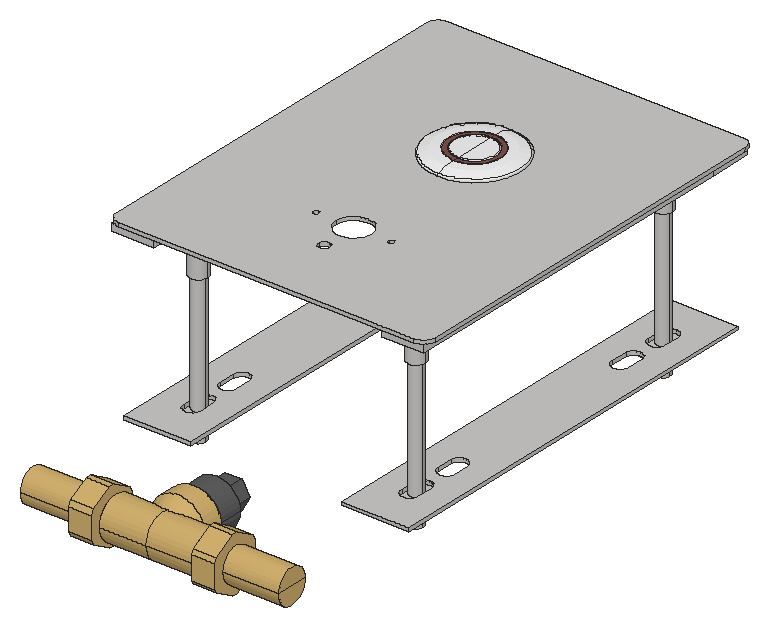
Revit family "PRD_AR_WshbsnTps_F5EElectronicWashbasinTap_F5EV1016", category Plumbing Fixtures, host Face, Revit 2023
Family settings
  Host = Face
  Round Connector Dimension = Use Diameter
  Part Type = Normal
  OmniClass Number = 23.45.05.14.99
  OmniClass Title = Other Sanitary Washing Plumbing Fixtures
  Enable Cutting in Views = Yes
  Cut with Voids When Loaded = Yes
  Maintain Annotation Orientation = No
  Shared = No
  Room Calculation Point = No
Parameters (values of type "F5EV1016")
  WorkingPressure = 0.0 Pa
  WithTransformerPowerSupply = "No"
  WithFilter = "Yes"
  Waste Connection = yes
  WarrantyStartDate [instance] = "1900-12-31T23:59:59"
  WarrantyGuarantorParts = "n/a"
  WarrantyGuarantorLabor = "n/a"
  WarrantyDurationUnit = "n/a"
  WarrantyDurationParts = "n/a"
  WarrantyDurationLabor = "n/a"
  WarrantyDescription = "n/a"
  WallThicknessControl [instance] = if(WallThickness < 50 mm, 50 mm, if(WallThickness > 500 mm, 500 mm, WallThickness))  # 100 mm
  WallThickness [instance] = 100 mm
  WFU = 0
  VolumeFlowRateAt3Bar = "0.46 l/s"
  Voltage [instance] = 24 V
  Version = "1"
  Vent Connection = yes
  ValveVerticalOffset [instance] = 200 mm
  ValveTurnOn [instance] = yes
  ValvePattern = "STRAIGHT_2_PORT"
  ValveOperation = "SOLENOID"
  ValveOffsetFromWall [instance] = 100 mm
  ValveMechanism = "OTHER"
  Uniclass2015Version = "Products v1.36"
  Uniclass2015Title = "Washbasin taps"
  Uniclass2015Code = "Pr_40_20_87_98"
  URL = "www.kwc-professional.com"
  TypeOfTap = "in-wall tap"
  TypeOfSensor = "piezo-electronic sensor"
  TypeOfPowerSupply = "Transformer"
  TypeOfOperation = "Sensor Operation"
  TypeOfMounting = "bolt mounting"
  TypeOfMixing = "No"
  Type IFC Predefined Type = "USERDEFINED"
  TestPressure = 0.0 Pa
  TagNumber [instance] = "n/a"
  SustainabilityPerformance = "n/a"
  SurfaceFinishFitting = "chromed"
  SurfaceFinishCasing = "satin finished"
  Status = "New"
  SoundInsulation = "No"
  Size = "15"
  Shape = "n/a"
  SerialNumber [instance] = "n/a"
  Revision = "n/a"
  ReplacementCost = "n/a"
  Reference = "n/a"
  ProtectiveSystemIP = "IP59K"
  ProtectiveShutdown = "Yes"
  ProductInformation = "http://pim.kwc.com/product/2030067882/attachment/datasheet?locale=en"
  PowerSupplyConnection = "A3000 open 24 V DC"
  PowerFactor [instance] = 1
  PositionOfPowerConnection = "from top"
  Poles [instance] = 1
  Parameterization = "network"
  NumberOfPoles [instance] = Poles  # 1
  NominalWidth = 190 mm
  NominalHeight = 245 mm
  NominalDepth = 2 mm
  Name = "F5E Electronic washbasin tap F5EV1016"
  NBSTypeID = "n/a"
  NBSReference = "45-35-70/371"
  NBSOfficeMasterTag = "n/a"
  NBSNote = "n/a"
  NBSDescription = "Water supply fittings for wash basins and troughs"
  NBSCertification = "n/a"
  ModelReference = "F5EV1016"
  ModelNumber = "2030067882"
  Model = ModelReference  # "F5EV1016"
  MinimumFlowTime = "1 Seconds"
  MinimumFlowPressure = "1 bar"
  MaximumFlowTime = "6500 Seconds"
  MaterialFitting = "brass-look"
  MaterialCodeCasing = "1.4301 Chrome Nickel steel V2A"
  Material = "stainless steel"
  ManufacturerURL = "www.kwc-professional.com"
  ManufacturerName = "KWC Group Management AG"
  Manufacturer = ManufacturerName  # "KWC Group Management AG"
  LockingMechanism = "Top section, non-ceramic"
  InstallationDate [instance] = "1900-12-31T23:59:59"
  IfcExportType = "FAUCET"
  IfcExportAs = "IfcValveType"
  HygieneFlushing = "Yes"
  HWFU = 0
  HW Connection = yes
  Grade = "n/a"
  FunctionalPrinciple = "electronic self-closing"
  FlowCoefficient = "0.46 l/s"
  Flow = 0.46 L/s
  Finish = "Stainless steel satin finished"
  Features = "For connection to pre-mixed hot water or cold water.  Stainless steel cover plate 190 x 245 x 2 mm for invisible mounting via threaded rods, up to a wallthickness of 50 to 500 mm. Wall outlet must be ordered separately."
  FaucetType = "UNSET"
  FaucetTopDescription = "n/a"
  FaucetOperation = "SELFCLOSING"
  FaucetFunction = "UNSET"
  Export Type to IFC As = "IfcSanitaryTerminalType"
  ExpectedLife = "n/a"
  DurationUnit = "n/a"
  DiameterNominal = "DN 15"
  Description = "F5E - A3000 open washbasin mixer DN 15 for concealed mounting. Especially suitable for facilities at risk of vandalism. Electronically controlled, for connection to pre-mixed hot water or cold water. With waterproof electronic module and electric T-junction for connection to system cable, solenoid valve, 190 x 245 x 2 mm stainless steel cover plate for invisible mounting via threaded rods, up to a wall thickness of 50 to 500 mm, including piezo push-button with start/stop function and 2 m extension cable as well as recess for KWC wall outlet DN 15 (required separately). Connection and maintenance via service room. Activated hygiene flushing 24 hours after the last activity. With facility for parameterization, cleaning deactivation and communication via ECC2 function controller, 24 V DC."
  Depressurised = "No"
  DefaultFlowTime = "10 Seconds"
  DefaultAutomaticHygieneFlush = "24h after the last activity"
  Default Elevation = 1219.2 mm
  CreateOn = "04/2025"  # constant formula
  CoverPlateWidth = "190"
  CoverPlateHeight = "245"
  Constituents = "n/a"
  CompatibleA3000Open = "Yes"
  Color = "n/a"
  CodePerformance = "n/a"
  CloseOffRating = 0.0 Pa
  Category = "Pr_40_20_87_98, Washbasin taps"
  CWFU = 0
  CW Connection = yes
  ButtonMaterial = PRD_AR_ChromatedBrass_HighPolished
  BuiltInFittingModel = "Built-in section"
  BodyMaterial = PRD_AR_StainlessSteel_Brushed
  BarCode [instance] = "n/a"
  BIMObjectName = "PRD_AR_WashbasinTaps_F5EElectronicWashbasinTap_F5EV1016"
  Author = "Archispace"
  AssetType = "Fixed"
  AssetIdentifier [instance] = "n/a"
  ApparentLoad [instance] = 0 VA
  AdjustableFlowTime = "Yes"
  AccessibilityPerformance = "n/a"
Reference planes
  plane 1 "Center (Front/Back)": y = 0
  plane 2: z = 0
  plane 3 "Center (Left/Right)": x = 0
  plane 4: z = -100
  plane 5: y = -200
  plane 6: z = -100
  plane 7: z = -117
  plane 8: z = -83
  plane 9: y = -137
  plane 10: y = -358.5
  plane 11: x = 77
  plane 12: x = -77
  plane 13: y = -146.038
  plane 14: y = -225
Forms (mm)
  Extrusion 1, void
    sketch origin (0, 0, 0) x (1, 0, 0) y (0, 1, 0)
      loop
        circle (0, 4.921) r 11.456
    from -25 to 17.126
  Extrusion 2, void
    sketch origin (0, 0, 0) x (1, 0, 0) y (0, 1, 0)
      loop
        line (-73.04, 101.038) -> (-73.04, 0) -> (-73.04, -101.038) -> (0, -101.038) -> (73.04, -101.038) -> (73.04, 0) -> (73.04, 101.038) -> (0, 101.038) -> (-73.04, 101.038)
    from 0 to -100
  Extrusion 3, void
    sketch origin (0, 0, 0) x (1, 0, 0) y (0, 1, 0)
      loop
        line (77, -225) -> (77, -146.038) -> (-77, -146.038) -> (-77, -225) -> (77, -225)
    from -117 to -83
Dimensions and locks
  "WallThicknessControl": level to plane 4
  "ValveVerticalOffset": plane 5 to plane 1 "Center (Front/Back)"
  "ValveOffsetFromWall": level to plane 6
  plane 9 to plane 5 to plane 10 = 63 mm locked, 158.5 mm locked
  plane 13 to plane 5 to plane 14 = 53.962 mm locked, 25 mm locked
  plane 12 to plane 3 "Center (Left/Right)" to plane 11 = 77 mm locked, 77 mm locked
  plane 8 to plane 6 to plane 7 = 17 mm locked, 17 mm locked
  aligned and locked: plane 2 to host face
  aligned and locked: level to host face
  aligned and locked: Extrusion 2 to plane 4
  aligned and locked: plane 5 to nested 2
  aligned and locked: plane 14 to Extrusion 3 sketch curve
  aligned and locked: Extrusion 3 sketch curve to plane 11
  aligned and locked: Extrusion 3 sketch curve to plane 13
  aligned and locked: Extrusion 3 sketch curve to plane 12
  aligned and locked: plane 7 to Extrusion 3
  aligned and locked: plane 8 to Extrusion 3
  aligned and locked: plane 6 to nested 2
Automatic sketch dimensions
  host sketch curve to host sketch curve = 2438.4 mm  (x2)
  Extrusion 1 sketch curve to Extrusion 1 sketch curve = 0 mm  (x2)
  Extrusion 1 sketch curve to plane 3 "Center (Left/Right)" = 0 mm
  Extrusion 1 sketch curve to plane 1 "Center (Front/Back)" = 4.921 mm
  Extrusion 1 sketch curve to Extrusion 1 sketch curve = 11.456 mm
  plane 1 "Center (Front/Back)" to Extrusion 2 sketch curve = 0 mm  (x2)
  Extrusion 2 sketch curve to plane 3 "Center (Left/Right)" = 0 mm  (x2)
  Extrusion 2 sketch curve to Extrusion 2 sketch curve = 73.04 mm
  plane 3 "Center (Left/Right)" to Extrusion 2 sketch curve = 73.04 mm
  plane 1 "Center (Front/Back)" to Extrusion 2 sketch curve = 101.038 mm
  Extrusion 2 sketch curve to plane 1 "Center (Front/Back)" = 101.038 mm
Nested families
  nested 1: "WashbasinTap" at (0, 0, 0) x (-1, 0, 0) z (0, 0, 1), Wall Thickness <- "WallThickness", type "WashbasinTap"
    with Wall Thickness_Control 100 mm, Wall Thickness 100 mm
  nested 2: "Valve" at (0, -200, -100) x (1, 0, 0) z (0, 1, 0), visible <- "ValveTurnOn", type "Valve"
Connectors
  electrical at (0, 32.5, -15.835), driven by "Voltage", driven by "ApparentLoad", driven by "PowerFactor", driven by "Poles"
    settings: on nested 1, index 1, voltage 24 V, apparent load 0 VA, apparent load phase1 0 VA, apparent load phase2 0 VA, apparent load phase3 0 VA, power factor 1, load classification "Power", number of poles 1, system type 30, power factor state 1, is connector primary yes, connector utility no, sub classification motor no, connector description "Power"
  piping at (-77, -200, -100), diameter 15, driven by "Flow"
    settings: on nested 2, index 2, connector inside diameter 609.6 mm, connector length 0 mm, flow factor 0, pipe flow 0.46 L/s, pressure drop 0.0 Pa, fitting loss kfactor 0, connector angle 0.00°, fixture units 0, engagement length 0 mm, angle of deflection 0.00°, flow configuration 0, flow direction 1, fitting loss method 0, system type 8, joint type 0, gender type 0, connector reference index -1, connector utility 0, adjustable connector no, is connector primary yes, connector description "G3/4B"
  piping at (77, -200, -100), diameter 15
    settings: on nested 2, index 3, connector inside diameter 609.6 mm, connector length 0 mm, flow factor 0, pipe flow 0.0 L/s, pressure drop 0.0 Pa, fitting loss kfactor 0, connector angle 0.00°, fixture units 0, engagement length 0 mm, angle of deflection 0.00°, flow configuration 0, flow direction 0, fitting loss method 0, system type 28, joint type 0, gender type 0, connector reference index -1, connector utility 0, adjustable connector no, is connector primary no, connector description ""
Definition of nested family "WashbasinTap"
  Parameters (values of type "WashbasinTap")
    Wall Thickness_Control [instance] = if(Wall Thickness < 50 mm, 50 mm, if(Wall Thickness > 500 mm, 500 mm, Wall Thickness))  # 130 mm
    Wall Thickness [instance] = 130 mm
    Material Button = none
    Material = none
    Default Elevation = 0 mm
  Reference planes
    plane 1 "Center (Front/Back)": y = 0
    plane 2: z = 0
    plane 3 "Center (Left/Right)": x = 0
    plane 4: z = -148.736
    plane 5: z = -132
    plane 6: z = -130
    plane 7: z = 2
    plane 8: z = -4.4
    plane 9: z = 26
    plane 10: z = -18
    plane 11: z = -15.91
  Forms (mm)
    Extrusion 1, solid, material <- "Material", detail levels fine
      sketch origin (0, 0, 0) x (1, 0, 0) y (0, 1, 0)
        loop
          line (-95, 115.5) -> (-95, -115.5)
          arc (-95, -115.5) -> (-92.95, -120.45) -> (-88, -122.5) r 7
          line (-88, -122.5) -> (88, -122.5)
          arc (88, -122.5) -> (92.95, -120.45) -> (95, -115.5) r 7
          line (95, -115.5) -> (95, 115.5)
          arc (95, 115.5) -> (92.95, 120.45) -> (88, 122.5) r 7
          line (88, 122.5) -> (-88, 122.5)
          arc (-88, 122.5) -> (-92.95, 120.45) -> (-95, 115.5) r 7
        loop
          circle (0, 57.5) r 10.489
        loop
          circle (22.519, 57.5) r 1.714
        loop
          circle (0, 79.52) r 3.322
        loop
          circle (-22.519, 57.5) r 1.714
      from 0 to 2
    Extrusion 2, solid, material <- "Material", detail levels fine
      sketch origin (0, 0, 0) x (1, 0, 0) y (0, 1, 0)
        loop
          line (-93, 121.5) -> (-93, -94.5) -> (-68, -94.5) -> (-68, 121.5) -> (-93, 121.5)
        loop
          line (93, 121.5) -> (68, 121.5) -> (68, -94.5) -> (93, -94.5) -> (93, 121.5)
      from -4.4 to 0
    Extrusion 3, solid, material <- "Material", detail levels fine
      sketch origin (0, 0, 0) x (1, 0, 0) y (0, 1, 0)
        loop
          line (-93, -94.5) -> (-93, -119.5) -> (93, -119.5) -> (93, -94.5) -> (-93, -94.5)
      from -4.4 to 0
    Extrusion 4, solid, material <- "Material", detail levels medium+fine
      sketch origin (0, 0, 0) x (1, 0, 0) y (0, 1, 0)
        loop
          circle (-64.946, 92.047) r 5.42
      from -30.436 to 0
    Extrusion 5, solid, material <- "Material", detail levels medium+fine
      sketch origin (0, 0, 0) x (-1, 0, 0) y (0, -1, 0)
        loop
          circle (-64.946, -92.047) r 5.42
      from -30.436 to 0
    Extrusion 6, solid, material <- "Material", detail levels medium+fine
      sketch origin (0, 0, 0) x (-1, 0, 0) y (0, -1, 0)
        loop
          circle (-64.946, 92.047) r 5.42
      from -30.436 to 0
    Extrusion 7, solid, material <- "Material", detail levels medium+fine
      sketch origin (0, 0, 0) x (1, 0, 0) y (0, 1, 0)
        loop
          circle (-64.946, -92.047) r 5.42
      from -30.436 to 0
    Extrusion 8, solid, material <- "Material", detail levels medium+fine
      sketch origin (0, 0, 0) x (1, 0, 0) y (0, 1, 0)
        loop
          circle (-64.946, 92.047) r 4.038
        loop
          circle (64.946, 92.047) r 4.038
        loop
          circle (64.946, -92.047) r 4.038
        loop
          circle (-64.946, -92.047) r 4.038
      from -148.736 to -30.436
    Sweep 9, solid, material <- "Material", detail levels fine
      path origin (0, 0, 0) x (0, 1, 0) y (0, 0, 1)
        loop
          line (122.5, -132) -> (122.5, -130)
      profile origin (0, 122.5, -131) x (0, -1, 0) y (1, 0, 0)
        loop
          line (0, -85) -> (245, -85) -> (245, -45) -> (0, -45) -> (0, -85)
        loop
          line (192.5, -60) -> (182.5, -60)
          arc (182.5, -60) -> (177.5, -65) -> (182.5, -70) r 5
          line (182.5, -70) -> (192.5, -70)
          arc (192.5, -70) -> (197.5, -65) -> (192.5, -60) r 5
        loop
          line (219.5, -60) -> (209.5, -60)
          arc (209.5, -60) -> (204.5, -65) -> (209.5, -70) r 5
          line (209.5, -70) -> (219.5, -70)
          arc (219.5, -70) -> (224.5, -65) -> (219.5, -60) r 5
        loop
          arc (52.5, -60) -> (47.5, -65) -> (52.5, -70) r 5
          line (52.5, -70) -> (62.5, -70)
          arc (62.5, -70) -> (67.5, -65) -> (62.5, -60) r 5
          line (62.5, -60) -> (52.5, -60)
        loop
          arc (25.5, -60) -> (20.5, -65) -> (25.5, -70) r 5
          line (25.5, -70) -> (35.5, -70)
          arc (35.5, -70) -> (40.5, -65) -> (35.5, -60) r 5
          line (35.5, -60) -> (25.5, -60)
        loop
          line (0, 85) -> (0, 45) -> (245, 45) -> (245, 85) -> (0, 85)
        loop
          arc (192.5, 60) -> (197.5, 65) -> (192.5, 70) r 5
          line (192.5, 70) -> (182.5, 70)
          arc (182.5, 70) -> (177.5, 65) -> (182.5, 60) r 5
          line (182.5, 60) -> (192.5, 60)
        loop
          arc (219.5, 60) -> (224.5, 65) -> (219.5, 70) r 5
          line (219.5, 70) -> (209.5, 70)
          arc (209.5, 70) -> (204.5, 65) -> (209.5, 60) r 5
          line (209.5, 60) -> (219.5, 60)
        loop
          line (52.5, 60) -> (62.5, 60)
          arc (62.5, 60) -> (67.5, 65) -> (62.5, 70) r 5
          line (62.5, 70) -> (52.5, 70)
          arc (52.5, 70) -> (47.5, 65) -> (52.5, 60) r 5
        loop
          line (25.5, 60) -> (35.5, 60)
          arc (35.5, 60) -> (40.5, 65) -> (35.5, 70) r 5
          line (35.5, 70) -> (25.5, 70)
          arc (25.5, 70) -> (20.5, 65) -> (25.5, 60) r 5
    Sweep 10, solid, material <- "Material", detail levels fine
      path origin (0, 0, 0) x (0, 1, 0) y (0, 0, 1)
        loop
          line (106, -135) -> (106, -132)
      profile origin (0, 106, -133.5) x (0, -1, 0) y (1, 0, 0)
        loop
          circle (13.984, -64.949) r 13.871
        loop
          circle (13.984, 64.949) r 13.871
        loop
          circle (198.016, -64.949) r 13.871
        loop
          circle (198.016, 64.949) r 13.871
    Sweep 11, solid, material <- "Material", detail levels fine
      path origin (0, 0, 0) x (0, 1, 0) y (0, 0, 1)
        loop
          line (93.672, -141.8) -> (93.672, -135)
      profile origin (0, 93.672, -138.4) x (0, -1, 0) y (1, 0, 0)
        loop
          line (-5.834, -65) -> (-2.081, -71.5) -> (5.425, -71.5) -> (9.177, -65) -> (5.425, -58.5) -> (-2.081, -58.5) -> (-5.834, -65)
        loop
          line (-5.834, 65) -> (-2.081, 58.5) -> (5.425, 58.5) -> (9.177, 65) -> (5.425, 71.5) -> (-2.081, 71.5) -> (-5.834, 65)
        loop
          line (193.177, -65) -> (189.425, -58.5) -> (181.919, -58.5) -> (178.166, -65) -> (181.919, -71.5) -> (189.425, -71.5) -> (193.177, -65)
        loop
          line (193.177, 65) -> (189.425, 71.5) -> (181.919, 71.5) -> (178.166, 65) -> (181.919, 58.5) -> (189.425, 58.5) -> (193.177, 65)
    Extrusion 12, solid, material <- "Material", detail levels coarse
      sketch origin (0, 122.5, -132) x (0, 1, 0) y (-1, 0, 0)
        loop
          line (0, 95) -> (-245, 95) -> (-245, -95) -> (0, -95) -> (0, 95)
      from -16.736 to 134
    Extrusion 13, solid, material <- "Material", detail levels medium
      sketch origin (0, 122.5, -132) x (0, 1, 0) y (-1, 0, 0)
        loop
          line (-245, 95) -> (-245, -95) -> (0, -95) -> (0, 95) -> (-245, 95)
      from 127.6 to 134
    Sweep 14, solid, material <- "Material", detail levels medium
      path origin (0, 0, 0) x (0, 1, 0) y (0, 0, 1)
        loop
          line (122.5, -132) -> (122.5, -130)
      profile origin (0, 122.5, -131) x (0, -1, 0) y (1, 0, 0)
        loop
          line (0, -85) -> (245, -85) -> (245, -45) -> (0, -45) -> (0, -85)
        loop
          line (0, 85) -> (0, 45) -> (245, 45) -> (245, 85) -> (0, 85)
    Revolve 15, solid, material <- "Material Button", detail levels fine
      sketch origin (0, 0, 0) x (0, 1, 0) y (0, 0, 1)
        loop
          line (-32.5, 2) -> (-4.961, 2)
          arc (-4.961, 2) -> (-5.113, 2.697) -> (-5.668, 3.145) r 1.075
          arc (-5.668, 3.145) -> (-11.207, 4.703) -> (-16.94, 5.195) r 30.555
          line (-16.94, 5.195) -> (-16.94, 3.123) -> (-32.5, 3.123) -> (-32.5, 2)
        axis (-32.5, 5.195) -> (-32.5, 2)
      angle from 0 to 360
    Revolve 16, solid, detail levels fine
      sketch origin (0, 0, 0) x (0, 1, 0) y (0, 0, 1)
        loop
          line (-17.049, 5.195) -> (-19.966, 5.195) -> (-19.966, 3.911) -> (-21.528, 3.911) -> (-21.528, 2.7) -> (-17.049, 2.7) -> (-17.049, 5.195)
        axis (-32.5, 2.7) -> (-32.5, 5.195)
      angle from 0 to 360
    Revolve 17, solid, material <- "Material Button", detail levels fine
      sketch origin (0, 0, 0) x (0, 1, 0) y (0, 0, 1)
        loop
          arc (-20.005, 4.697) -> (-20.15, 5.049) -> (-20.502, 5.195) r 0.498
          line (-20.502, 5.195) -> (-32.5, 5.195) -> (-32.5, 3.911) -> (-20.005, 3.911) -> (-20.005, 4.697)
        axis (-32.5, 5.195) -> (-32.5, 3.911)
      angle from 0 to 360
    Revolve 18, solid, detail levels fine
      sketch origin (0, 0, 0) x (0, 1, 0) y (0, 0, 1)
        loop
          line (-32.5, 0) -> (-32.5, -15.835) -> (-22.325, -15.835) -> (-22.325, -14.272) -> (-21.52, -13.467) -> (-21.52, -11.75) -> (-20.333, -11.75) -> (-19.601, -10.25) -> (-18.756, -10.25) -> (-18.756, -3.05) -> (-22.325, -3.05) -> (-22.325, 0) -> (-32.5, 0)
        axis (-32.5, 0) -> (-32.5, -15.835)
      angle from 0 to 360
    Revolve 19, solid, material <- "Material Button", detail levels coarse+medium
      sketch origin (0, 0, 0) x (0, 1, 0) y (0, 0, 1)
        loop
          line (-32.5, 2) -> (-4.961, 2) -> (-4.961, 5.195) -> (-32.5, 5.195) -> (-32.5, 2)
        axis (-32.5, 5.195) -> (-32.5, 2)
      angle from 0 to 360
    Revolve 20, solid, detail levels medium
      sketch origin (0, 0, 0) x (0, 1, 0) y (0, 0, 1)
        loop
          line (-32.5, -3.05) -> (-32.5, -15.835) -> (-18.756, -15.835) -> (-18.756, -3.05) -> (-22.325, -3.05) -> (-22.325, 0) -> (-32.5, 0) -> (-32.5, -3.05)
        axis (-32.5, 0) -> (-32.5, -15.835)
      angle from 0 to 360
    Revolve 21, solid, detail levels coarse
      sketch origin (0, 0, 0) x (0, 1, 0) y (0, 0, 1)
        loop
          line (-32.5, -3.05) -> (-32.5, -15.91) -> (-18.756, -15.91) -> (-18.756, 0) -> (-32.5, 0) -> (-32.5, -3.05)
        axis (-32.5, 0) -> (-32.5, -15.91)
      angle from 0 to 360
  Dimensions and locks
    locked: plane 5 to plane 4 at 16.736
    locked: Sweep 9 sketch curve to plane 5 at 2
    locked: Sweep 10 sketch curve to Sweep 10 sketch curve at 3
    locked: plane 5 to Sweep 11 sketch curve at 3
    locked: Sweep 11 sketch curve to Sweep 11 sketch curve at 6.8
    locked: plane 6 to plane 5 at 2
    "Wall Thickness_Control": level to plane 6
    locked: plane 7 to plane 11 at 17.91
    aligned and locked: level to plane 2
    aligned and locked: Extrusion 8 to plane 4
    aligned and locked: plane 5 to Sweep 9 sketch curve
    aligned and locked: plane 5 to Sweep 10 sketch curve
    aligned and locked: Extrusion 12 to plane 4
    aligned and locked: Extrusion 13 to Extrusion 1
    aligned and locked: Extrusion 12 to Extrusion 1
    aligned and locked: plane 11 to Revolve 21
    aligned and locked: Extrusion 13 to plane 8
  Automatic sketch dimensions
    Extrusion 2 sketch curve to plane 3 "Center (Left/Right)" = 93 mm
    Extrusion 2 sketch curve to Extrusion 2 sketch curve = 25 mm  (x2)
    plane 3 "Center (Left/Right)" to Extrusion 2 sketch curve = 68 mm
    plane 1 "Center (Front/Back)" to Extrusion 2 sketch curve = 94.5 mm  (x2)
    Extrusion 2 sketch curve to plane 1 "Center (Front/Back)" = 121.5 mm  (x2)
    Extrusion 3 sketch curve to plane 3 "Center (Left/Right)" = 93 mm
    plane 3 "Center (Left/Right)" to Extrusion 3 sketch curve = 93 mm
    plane 1 "Center (Front/Back)" to Extrusion 3 sketch curve = 119.5 mm
    Extrusion 3 sketch curve to Extrusion 3 sketch curve = 25 mm
    Extrusion 4 sketch curve to plane 3 "Center (Left/Right)" = 64.946 mm
    Extrusion 4 sketch curve to plane 1 "Center (Front/Back)" = 92.047 mm
    plane 3 "Center (Left/Right)" to Extrusion 5 sketch curve = 64.946 mm
    Extrusion 5 sketch curve to plane 1 "Center (Front/Back)" = 92.047 mm
    plane 3 "Center (Left/Right)" to Extrusion 6 sketch curve = 64.946 mm
    plane 1 "Center (Front/Back)" to Extrusion 6 sketch curve = 92.047 mm
    Extrusion 7 sketch curve to plane 3 "Center (Left/Right)" = 64.946 mm
    plane 1 "Center (Front/Back)" to Extrusion 7 sketch curve = 92.047 mm
    Extrusion 8 sketch curve to plane 3 "Center (Left/Right)" = 64.946 mm  (x2)
    plane 3 "Center (Left/Right)" to Extrusion 8 sketch curve = 64.946 mm  (x2)
    plane 1 "Center (Front/Back)" to Extrusion 8 sketch curve = 92.047 mm  (x2)
    Extrusion 8 sketch curve to plane 1 "Center (Front/Back)" = 92.047 mm  (x2)
    Sweep 9 sketch curve to plane 1 "Center (Front/Back)" = 122.5 mm
    Sweep 9 sketch curve to profile plane = 0 mm  (x2)
    Sweep 9 sketch curve to profile plane = 25.5 mm  (x2)
    Sweep 9 sketch curve to Sweep 9 sketch curve = 10 mm  (x8)
    Sweep 9 sketch curve to Sweep 9 sketch curve = 17 mm  (x4)
    Sweep 9 sketch curve to plane 3 "Center (Left/Right)" = 70 mm  (x2)
    Sweep 9 sketch curve to Sweep 9 sketch curve = 120 mm  (x2)
    Sweep 9 sketch curve to Sweep 9 sketch curve = 25.5 mm  (x2)
    Sweep 9 sketch curve to Sweep 9 sketch curve = 15 mm  (x5)
    Sweep 9 sketch curve to Sweep 9 sketch curve = 0 mm  (x4)
    Sweep 9 sketch curve to Sweep 9 sketch curve = 5 mm  (x8)
    plane 3 "Center (Left/Right)" to Sweep 9 sketch curve = 45 mm
    Sweep 10 sketch curve to plane 1 "Center (Front/Back)" = 106 mm
    Sweep 10 sketch curve to profile plane = 13.984 mm  (x2)
    plane 3 "Center (Left/Right)" to Sweep 10 sketch curve = 64.949 mm  (x2)
    Sweep 10 sketch curve to Sweep 10 sketch curve = 184.032 mm
    Sweep 10 sketch curve to plane 3 "Center (Left/Right)" = 64.949 mm  (x2)
    Sweep 10 sketch curve to Sweep 10 sketch curve = 0 mm
    Sweep 11 sketch curve to plane 1 "Center (Front/Back)" = 93.672 mm
    profile plane to Sweep 11 sketch curve = 5.834 mm  (x2)
    profile plane to Sweep 11 sketch curve = 2.081 mm  (x4)
    Sweep 11 sketch curve to profile plane = 5.425 mm  (x4)
    Sweep 11 sketch curve to Sweep 11 sketch curve = 3.753 mm  (x8)
    plane 3 "Center (Left/Right)" to Sweep 11 sketch curve = 65 mm  (x2)
    Sweep 11 sketch curve to Sweep 11 sketch curve = 168.989 mm
    Sweep 11 sketch curve to plane 3 "Center (Left/Right)" = 65 mm  (x2)
    Sweep 11 sketch curve to Sweep 11 sketch curve = 0 mm
    Sweep 11 sketch curve to plane 3 "Center (Left/Right)" = 71.5 mm  (x2)
    plane 3 "Center (Left/Right)" to Sweep 11 sketch curve = 71.5 mm
    plane 3 "Center (Left/Right)" to Sweep 11 sketch curve = 58.5 mm  (x2)
    Sweep 11 sketch curve to Sweep 11 sketch curve = 7.506 mm  (x4)
    Sweep 11 sketch curve to Sweep 11 sketch curve = 6.5 mm  (x7)
    plane 1 "Center (Front/Back)" to Extrusion 12 sketch curve = 122.5 mm
    plane 3 "Center (Left/Right)" to Extrusion 12 sketch curve = 95 mm
    Extrusion 12 sketch curve to plane 1 "Center (Front/Back)" = 122.5 mm
    Extrusion 12 sketch curve to plane 3 "Center (Left/Right)" = 95 mm
    plane 1 "Center (Front/Back)" to Extrusion 13 sketch curve = 122.5 mm
    Extrusion 13 sketch curve to plane 3 "Center (Left/Right)" = 95 mm
    plane 3 "Center (Left/Right)" to Extrusion 13 sketch curve = 95 mm
    Extrusion 13 sketch curve to plane 1 "Center (Front/Back)" = 122.5 mm
    Sweep 14 sketch curve to plane 6 = 0 mm
    Sweep 14 sketch curve to plane 5 = 0 mm
    Sweep 14 sketch curve to plane 1 "Center (Front/Back)" = 122.5 mm
    Sweep 14 sketch curve to profile plane = 0 mm  (x2)
    plane 3 "Center (Left/Right)" to Sweep 14 sketch curve = 45 mm
    Sweep 14 sketch curve to plane 3 "Center (Left/Right)" = 85 mm
    Sweep 14 sketch curve to Sweep 14 sketch curve = 40 mm  (x2)
    Sweep 14 sketch curve to Sweep 14 sketch curve = 0 mm
    Sweep 14 sketch curve to profile plane = 245 mm
    Revolve 15 sketch curve to plane 7 = 0 mm
    plane 1 "Center (Front/Back)" to Revolve 15 sketch curve = 32.5 mm
    plane 7 to Revolve 15 sketch curve = 1.123 mm
    Revolve 15 sketch curve to Revolve 15 sketch curve = 15.56 mm
    Revolve 15 sketch curve to plane 10 = 7.36 mm
    plane 1 "Center (Front/Back)" to Revolve 15 sketch curve = 16.672 mm
    plane 7 to Revolve 15 sketch curve = 0.133 mm
    plane 1 "Center (Front/Back)" to Revolve 15 sketch curve = 6.028 mm
    Revolve 15 sketch curve to Revolve 15 sketch curve = 1.066 mm
    Revolve 15 sketch curve to Revolve 15 sketch curve = 2.072 mm
    Revolve 15 sketch curve to Revolve 15 sketch curve = 0 mm
    Revolve 15 sketch curve to level = 1.544 mm
    Revolve 15 sketch curve to Revolve 15 sketch curve = 0.561 mm
    plane 7 to Revolve 17 sketch curve = 1.911 mm
    plane 1 "Center (Front/Back)" to Revolve 17 sketch curve = 32.5 mm
    plane 7 to Revolve 17 sketch curve = 3.195 mm
    Revolve 17 sketch curve to Revolve 17 sketch curve = 11.998 mm
    Revolve 17 sketch curve to Revolve 17 sketch curve = 0.498 mm
    Revolve 17 sketch curve to Revolve 17 sketch curve = 0 mm  (x2)
    plane 7 to Revolve 17 sketch curve = 0.43 mm
    plane 7 to Revolve 16 sketch curve = 0.7 mm
    plane 1 "Center (Front/Back)" to Revolve 16 sketch curve = 21.528 mm
    Revolve 16 sketch curve to Revolve 16 sketch curve = 1.561 mm
    Revolve 16 sketch curve to Revolve 16 sketch curve = 2.917 mm
    plane 7 to Revolve 16 sketch curve = 1.911 mm
    Revolve 16 sketch curve to Revolve 16 sketch curve = 1.284 mm
    Revolve 16 sketch curve to Revolve 16 sketch curve = 10.972 mm
    plane 10 to Revolve 16 sketch curve = 2.2 mm
    plane 7 to Revolve 16 sketch curve = 7.85 mm
    Revolve 19 sketch curve to plane 7 = 0 mm
    plane 1 "Center (Front/Back)" to Revolve 19 sketch curve = 32.5 mm
    plane 1 "Center (Front/Back)" to Revolve 19 sketch curve = 4.961 mm
    plane 7 to Revolve 19 sketch curve = 3.195 mm
    Revolve 19 sketch curve to Revolve 19 sketch curve = 0 mm  (x2)
    Revolve 19 sketch curve to level = 1.544 mm
    Revolve 20 sketch curve to level = 0 mm
    plane 8 to Revolve 20 sketch curve = 1.35 mm  (x2)
    plane 1 "Center (Front/Back)" to Revolve 20 sketch curve = 32.5 mm
    Revolve 20 sketch curve to Revolve 20 sketch curve = 10.175 mm
    Revolve 20 sketch curve to Revolve 20 sketch curve = 13.744 mm
    Revolve 20 sketch curve to Revolve 20 sketch curve = 0 mm  (x3)
    plane 10 to Revolve 20 sketch curve = 2.165 mm
    Revolve 21 sketch curve to level = 0 mm
    plane 8 to Revolve 21 sketch curve = 1.35 mm
    plane 1 "Center (Front/Back)" to Revolve 21 sketch curve = 32.5 mm
    Revolve 21 sketch curve to Revolve 21 sketch curve = 13.744 mm
    plane 10 to Revolve 21 sketch curve = 1.656 mm
    Revolve 21 sketch curve to Revolve 21 sketch curve = 0 mm  (x2)
    plane 6 to Revolve 21 sketch curve = 114.09 mm
    Revolve 18 sketch curve to level = 0 mm
    plane 1 "Center (Front/Back)" to Revolve 18 sketch curve = 32.5 mm
    plane 10 to Revolve 18 sketch curve = 3.728 mm
    Revolve 18 sketch curve to Revolve 18 sketch curve = 10.175 mm  (x2)
    plane 8 to Revolve 18 sketch curve = 1.35 mm
    Revolve 18 sketch curve to Revolve 18 sketch curve = 0.805 mm  (x2)
    Revolve 18 sketch curve to Revolve 18 sketch curve = 1.187 mm
    Revolve 18 sketch curve to plane 8 = 5.85 mm
    Revolve 18 sketch curve to Revolve 18 sketch curve = 0.732 mm
    Revolve 18 sketch curve to Revolve 18 sketch curve = 3.57 mm
    plane 10 to Revolve 18 sketch curve = 2.165 mm
    Revolve 18 sketch curve to Revolve 18 sketch curve = 1.5 mm
    Revolve 18 sketch curve to plane 8 = 2.259 mm
    Revolve 18 sketch curve to Revolve 18 sketch curve = 0 mm
    Revolve 18 sketch curve to plane 10 = 2.551 mm
    Extrusion 1 sketch curve to plane 3 "Center (Left/Right)" = 0 mm  (x2)
    Extrusion 1 sketch curve to plane 3 "Center (Left/Right)" = 22.519 mm
    Extrusion 1 sketch curve to plane 3 "Center (Left/Right)" = 88 mm
    Extrusion 1 sketch curve to Extrusion 1 sketch curve = 7 mm  (x3)
    plane 3 "Center (Left/Right)" to Extrusion 1 sketch curve = 22.519 mm
    Extrusion 1 sketch curve to Extrusion 1 sketch curve = 65.481 mm
    plane 3 "Center (Left/Right)" to Extrusion 1 sketch curve = 88 mm
    plane 1 "Center (Front/Back)" to Extrusion 1 sketch curve = 122.5 mm
    Extrusion 1 sketch curve to plane 1 "Center (Front/Back)" = 57.5 mm
    Extrusion 1 sketch curve to Extrusion 1 sketch curve = 0 mm  (x2)
    Extrusion 1 sketch curve to Extrusion 1 sketch curve = 22.02 mm
    Extrusion 1 sketch curve to Extrusion 1 sketch curve = 58 mm
    radius of Extrusion 4 sketch curve = 5.42 mm
    radius of Extrusion 5 sketch curve = 5.42 mm
    radius of Extrusion 6 sketch curve = 5.42 mm
    radius of Extrusion 7 sketch curve = 5.42 mm
    radius of Extrusion 8 sketch curve = 4.038 mm  (x4)
    radius of Sweep 10 sketch curve = 13.871 mm  (x4)
    radius of Extrusion 1 sketch curve = 10.489 mm
    radius of Extrusion 1 sketch curve = 1.714 mm  (x2)
    radius of Extrusion 1 sketch curve = 3.322 mm
Definition of nested family "Valve"
  Parameters (values of type "Valve")
    Default Elevation = 1219.2 mm
    Brass Material = none
  Reference planes
    plane 1 "Center (Front/Back)": y = 0
    plane 2: z = 0
    plane 3 "Center (Left/Right)": x = 0
    plane 4: z = 0
    plane 5: x = -77
    plane 6: x = 77
  Forms (mm)
    Revolve 1, solid, material <- "Brass Material", detail levels fine
      sketch origin (0, 0, 0) x (1, 0, 0) y (0, 0, 1)
        loop
          line (0, 0) -> (77, 0) -> (77, 10) -> (27.597, 10) -> (27.597, 12.452) -> (0, 12.452) -> (-27.597, 12.452) -> (-27.597, 10) -> (-77, 10) -> (-77, 0) -> (0, 0)
        axis (-77, 0) -> (77, 0)
      angle from 0 to 360
    Revolve 2, solid, material <- "Brass Material", detail levels fine
      sketch origin (0, 0, 0) x (1, 0, 0) y (0, 0, 1)
        loop
          line (0, 0) -> (0, 40) -> (-14.195, 40) -> (-14.195, 23.932) -> (-15.828, 23.932) -> (-16.567, 23.193) -> (-16.567, 11.596) -> (-10, 0) -> (0, 0)
        axis (0, 40) -> (0, 0)
      angle from 0 to 360
    Extrusion 3, solid, detail levels fine
      sketch origin (0, 122.5, -132) x (0, 1, 0) y (-1, 0, 0)
        loop
          line (-114.133, -4.835) -> (-114.133, 4.98) -> (-122.719, 9.937) -> (-131.219, 5.03) -> (-131.219, -4.785) -> (-122.633, -9.743) -> (-114.133, -4.835)
      from 172.232 to 184.732
    Extrusion 4, solid, material <- "Brass Material", detail levels fine
      sketch origin (-11.067, 0, 0) x (0, 1, 0) y (0, 0, 1)
        loop
          line (9.378, 12.885) -> (6.698, 14.432) -> (-7.05, 14.432) -> (-9.729, 12.885) -> (-16.603, 0.979) -> (-16.603, -2.115) -> (-9.729, -14.021) -> (-7.05, -15.568) -> (6.698, -15.568) -> (9.378, -14.021) -> (16.252, -2.115) -> (16.252, 0.979) -> (9.378, 12.885)
      from 40.97 to 54.544
    Extrusion 5, solid, material <- "Brass Material", detail levels fine
      sketch origin (11.067, 0, 0) x (0, 1, 0) y (0, 0, -1)
        loop
          line (9.378, -12.885) -> (16.252, -0.979) -> (16.252, 2.115) -> (9.378, 14.021) -> (6.698, 15.568) -> (-7.05, 15.568) -> (-9.729, 14.021) -> (-16.603, 2.115) -> (-16.603, -0.979) -> (-9.729, -12.885) -> (-7.05, -14.432) -> (6.698, -14.432) -> (9.378, -12.885)
      from 40.97 to 54.544
    Revolve 6, solid, material <- "Brass Material", detail levels medium
      sketch origin (0, 0, 0) x (1, 0, 0) y (0, 0, 1)
        loop
          line (0, 0) -> (77, 0) -> (77, 12.452) -> (0, 12.452) -> (-77, 12.452) -> (-77, 0) -> (0, 0)
        axis (-77, 0) -> (77, 0)
      angle from 0 to 360
    Revolve 7, solid, material <- "Brass Material", detail levels medium
      sketch origin (0, 0, 0) x (1, 0, 0) y (0, 0, 1)
        loop
          line (0, 0) -> (0, 40) -> (-16.567, 40) -> (-16.567, 0) -> (0, 0)
        axis (0, 40) -> (0, 0)
      angle from 0 to 360
    Extrusion 8, solid, detail levels medium
      sketch origin (0, 122.5, -132) x (0, 1, 0) y (-1, 0, 0)
        loop
          circle (-122.5, 0) r 10
      from 172.232 to 184.732
    Extrusion 9, solid, material <- "Brass Material", detail levels medium
      sketch origin (-11.067, 0, 0) x (0, 1, 0) y (0, 0, 1)
        loop
          circle (0, 0) r 15.869
      from 40.97 to 54.544
    Extrusion 10, solid, material <- "Brass Material", detail levels medium
      sketch origin (11.067, 0, 0) x (0, 1, 0) y (0, 0, -1)
        loop
          circle (0, 0) r 15.869
      from 40.97 to 54.544
    Extrusion 11, solid, material <- "Brass Material", detail levels coarse
      sketch origin (0, 122.5, -132) x (0, 1, 0) y (-1, 0, 0)
        loop
          line (-106.248, 77) -> (-139.103, 77) -> (-139.103, -77) -> (-106.248, -77) -> (-106.248, 77)
      from 116.432 to 184.732
  Cuts and joins
    joined: Revolve 1, Revolve 2, Extrusion 4, Extrusion 5
    joined: Revolve 6, Revolve 7
  Dimensions and locks
    aligned and locked: level to plane 2
    aligned and locked: level to plane 4
